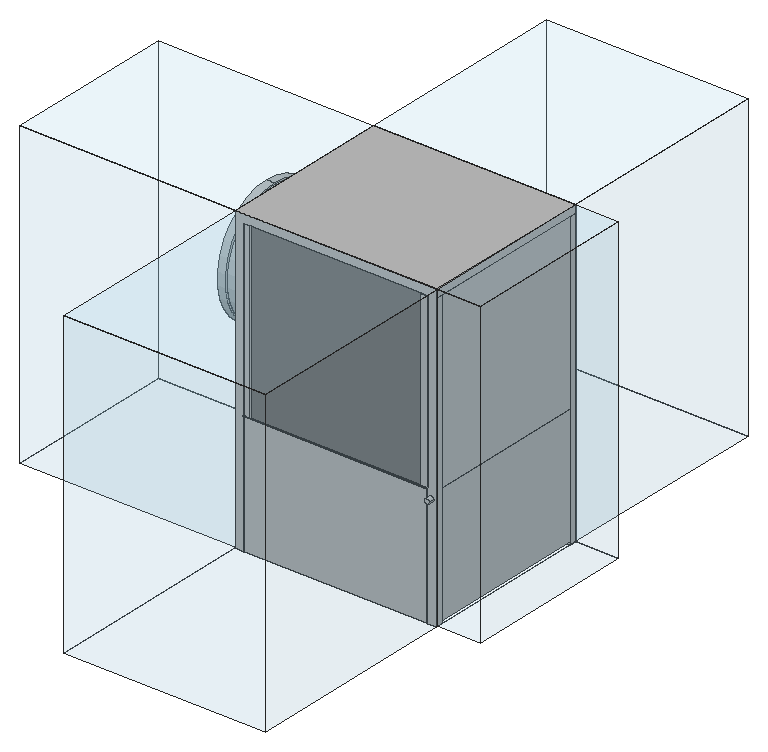
Revit family "VIESSMANN - Energycal AWH Pro AT 40-65", category Wyposażenie mechaniczne, Revit 2017
Family settings
  Wymiar okrągłego złącza = Użyj średnicy
  Typ części = Normalny
  Numer OmniClass = 23.75.10.21.11
  Tytuł OmniClass = Air-Source Heat Pumps
  Oparty na płaszczyźnie roboczej = Nie
  Zawsze pionowo = Tak
  Tnij formami wycięć po wczytaniu = Nie
  Współdzielony = Nie
  Punkt obliczania pomieszczeń = Nie
Parameters (values of type "Wielkość jednostki - 40")
  Średnica2 = 2"  # constant formula
  Średnica1 = 1 1/2"  # constant formula
  Zasilanie opcjonalne (V/ph/Hz) = "230/1~/50+5%"
  Zasilanie elektryczne (V/ph/Hz) = "400/N3~/50+5%"
  Wysokość = 2390 mm  # constant formula
  Współczynnik efektywności [COP] (A7W45) = 3.4
  Viessmann Kolor 2 = Viessmann Kolor 3
  Viessmann Kolor 1 = Viessmann Kolor 2
  Typ wymiennika po stronie grzewczej = "Płytowy"
  Szerokość = 1408 mm  # constant formula
  Strefa serwisowa - wyrzut górny [instance] = not([Strefa serwisowa - wyrzut boczny])  # no
  Strefa serwisowa - wyrzut boczny [instance] = yes
  Współczynnik mocy = 1
  URL = "https://www.viessmann-projektant.pl/baza-urzadzen/pompy-ciepla-powietrzewoda-agregaty-wl-50-kw/energycal"
  Typ wentylatora = "Osiowy"
  Typ sprężarki = "Reciprocating"  # constant formula
  Typ [instance] = AW PRO AT_wyrzut boczny : AW PRO AT wyrzut boczny
  Strefa serwisowa [instance] = yes
  Stopień wydajności = "2%"  # constant formula
  Spadek ciśnienia wody (A7W45) = 19.0 kPa
  SCOP = 2.84
  Prąd nominalny wentylatora = 3.9 A
  Prąd nominalny silnika pompy obiegowej = 2.37 A
  Przepływ powietrza = 21000.0 m³/h
  Producent = "Viessmann Sp. z o.o"  # constant formula
  Połączenia hydrauliczne = 1 1/2"  # constant formula
  Poziom mocy akustycznej dB(A) = 87 mm
  Poziom mocy akustycznej - wersja super cicha SLN dB(A) = 83 mm
  Poziom mocy akustycznej - wersja cicha LN dB(A) = 85 mm
  Poziom ciśnienia akustycznego dB(A) = 55 mm
  Poziom ciśnienia akustycznego - wersja super cicha SLN dB(A) = 50 mm
  Poziom ciśnienia akustycznego - wersja cicha LN dB(A) = 53 mm
  Pobór mocy elektrycznej (A7W45) = 10.8 kW
  Opis = "Energycal AWH Pro AT to typoszereg wysokotemperaturowych pomp ciepła z czynnikiem chłodniczym R134a lub R513A osiągających na zasilaniu temperatury wody do 80°C."  # constant formula
  Obciążenie pozorne = Maksymalna moc pobierania / Współczynnik mocy  # 20500 VA
  Nominalna moc pompy = 1.1 kW
  Nominalna moc grzewcza (A7W45) = 36.5 kW
  Natężenie przepływu wody (A7W45) l/h = 6268
  Natężenie przepływu wody (A7W45) = [Natężenie przepływu wody (A7W45) l/h] / 3600 * 1.0 L/s  # 1.74111 L/s
  Napięcie zasilania = 400 V  # constant formula
  Model = "Powietrzna pompa ciepła Energycal AWH PRO AT / Air-water heat pump Energycal AWH PRO AT "  # constant formula
  Moc nominalna wentylatora = 1.6 kW
  Moc nominalna silnika pompy obiegowej = 1.1 kW
  Maksymalny prąd rozruchowy = 136.4 A
  Maksymalny pobór prądu = 49.4 A
  Maksymalna moc pobierania = 20.5 kW
  Liczba wentylatorów = 1
  Liczba biegunów = 3  # constant formula
  Klasa energetyczna = "A+"
  Ilość/Obiegi chłodnicze sprężarki (nr/nr) = "1/1"  # constant formula
  Głębokość = 1208 mm  # constant formula
  Efektywność sezonowa ηs = "110.8"
  Częstotliwość = 50 Hz  # constant formula
  Ciśnienie podnoszenia pompy (A7W45) = 185.0 kPa
  Całkowite napełnienie olejem = 4.50 kg
  Całkowite napełnienie czynnikiem chłodniczym = 18.00 kg
  Bufor przód [instance] = if(and(Strefa serwisowa, [Strefa serwisowa - wyrzut boczny]), 1500 mm, 300 mm)  # 1500 mm
  Autor = "www.archispace.pl"
Types (5, lengths in mm): name | Zasilanie opcjonalne (V/ph/Hz) | Zasilanie elektryczne (V/ph/Hz) | Współczynnik efektywności [COP] (A7W45) | Typ | Spadek ciśnienia wody (A7W45) | SCOP | Prąd nominalny silnika pompy obiegowej | Przepływ powietrza | Poziom mocy akustycznej dB(A) | Poziom mocy akustycznej - wersja super cicha SLN dB(A) | Poziom mocy akustycznej - wersja cicha LN dB(A) | Poziom ciśnienia akustycznego dB(A) | Poziom ciśnienia akustycznego - wersja super cicha SLN dB(A) | Poziom ciśnienia akustycznego - wersja cicha LN dB(A) | Pobór mocy elektrycznej (A7W45) | Obciążenie pozorne | Nominalna moc grzewcza (A7W45) | Natężenie przepływu wody (A7W45) l/h | Natężenie przepływu wody (A7W45) | Moc nominalna wentylatora | Moc nominalna silnika pompy obiegowej | Maksymalny prąd rozruchowy | Maksymalny pobór prądu | Maksymalna moc pobierania | Efektywność sezonowa ηs | Ciśnienie podnoszenia pompy (A7W45) | Całkowite napełnienie olejem | Całkowite napełnienie czynnikiem chłodniczym
  (no name) | "230/1~/50+5%" | "400/N3~/50+5%" | 3.4 | AW PRO AT_wyrzut boczny : AW PRO AT wyrzut boczny | 19.0 kPa | 2.84 | 2.37 A | 21000.0 m³/h | 87 | 83 | 85 | 55 | 50 | 53 | 10.8 kW | 20500 VA | 36.5 kW | 6268 | 1.74111 L/s | 1.6 kW | 1.1 kW | 136.4 A | 49.4 A | 20.5 kW | "110.8" | 185.0 kPa | 4.50 kg | 18.00 kg
  Wielkość jednostki - 40 | "230/1~/50+5%" | "400/N3~/50+5%" | 3.4 | AW PRO AT_wyrzut boczny : AW PRO AT wyrzut boczny | 19.0 kPa | 2.84 | 2.37 A | 21000.0 m³/h | 87 | 83 | 85 | 55 | 50 | 53 | 10.8 kW | 20500 VA | 36.5 kW | 6268 | 1.74111 L/s | 1.6 kW | 1.1 kW | 136.4 A | 49.4 A | 20.5 kW | "110.8" | 185.0 kPa | 4.50 kg | 18.00 kg
  Wielkość jednostki - 45 | "230/1~/50" | "400/3~/50" | 3.35 | AW PRO AT : AW PRO AT | 21.0 kPa | 2.83 | 2.7 A | 21000.0 m³/h | 87 | 83 | 85 | 55 | 51 | 53 | 12.6 kW | 23800 VA | 42.1 kW | 7222 | 2.00611 L/s | 1.7 kW | 1.4 kW | 151 A | 41.1 A | 23.8 kW | "110.3" | 165.0 kPa | 4.50 kg | 18.00 kg
  Wielkość jednostki - 55 | "230/1~/50+5%" | "400/3N~/50+5%" | 3.4 | AW PRO AT : AW PRO AT | 26.0 kPa | 2.84 | 2.37 A | 20100.0 m³/h | 88 | 84 | 86 | 56 | 52 | 54 | 16 kW | 29600 VA | 54.3 kW | 9313 | 2.58694 L/s | 1.6 kW | 1.1 kW | 173.4 A | 64.4 A | 29.6 kW | "110.5" | 115.0 kPa | 4.80 kg | 25.00 kg
  Wielkość jednostki - 65 | "230/1~/50" | "400/3~/50" | 3.41 | AW PRO AT_wyrzut boczny : AW PRO AT wyrzut boczny | 27.0 kPa | 2.95 | 2.7 A | 20100.0 m³/h | 89 | 85 | 87 | 57 | 83 | 55 | 18.5 kW | 63200 VA | 63.2 kW | 10832 | 3.00889 L/s | 1.7 kW | 1.4 kW | 170 A | 18.5 A | 63.2 kW | "114.8" | 153.0 kPa | 4.80 kg | 29.00 kg
Reference planes
  plane 1 "Środek (Przód/Tył)": y = -10
  plane 2: z = 0
  plane 3 "Środek (Lewa/Prawa)": x = 0
  plane 4: x = -711.16
  plane 5: x = 696.84
  plane 6: x = -2211.16
  plane 7: x = 996.84
  plane 8: y = 1458
  plane 9: y = -2750
  plane 10: y = -42
  plane 11: y = -1250
Forms (mm)
  Extrusion 1, solid, not visible
    sketch origin (0, -10, 0) x (1, 0, 0) y (0, 0, 1)
      loop
        circle (-19.081, 681.464) r 40
      loop
        circle (-22.076, 552.701) r 40
    from 1200 to 1240
  Extrusion 2, solid, material "Viessmann Strefy Serwisowe", visible <- "Strefa serwisowa"
    sketch origin (0, 0, 0) x (1, 0, 0) y (0, 1, 0)
      loop
        line (-2211.16, -42) -> (-2211.16, -1250) -> (-711.16, -1250) -> (-711.16, -42) -> (-2211.16, -42)
      loop
        line (696.84, -42) -> (696.84, -1250) -> (996.84, -1250) -> (996.84, -42) -> (696.84, -42)
    from 0 to 2108
  Extrusion 3, solid, material "Viessmann Strefy Serwisowe", visible <- "Strefa serwisowa"
    sketch origin (0, 0, 0) x (1, 0, 0) y (0, 1, 0)
      loop
        line (-711.16, 1458) -> (-711.16, -42) -> (696.84, -42) -> (696.84, 1458) -> (-711.16, 1458)
      loop
        line (-708.66, -1250) -> (-708.66, -2750) -> (696.84, -2750) -> (696.84, -1250) -> (-708.66, -1250)
    from 0 to 2108
Dimensions and locks
  "Szerokość": plane 4 to plane 5
  locked: plane 5 to plane 7 at 300
  "Bufor przód": plane 6 to plane 4
  locked: plane 10 to plane 11 at 1208
  locked: plane 8 to plane 10 at 1500
  locked: plane 9 to plane 11 at 1500
  aligned and locked: level to plane 2
  aligned and locked: nested 1 to plane 1 "Środek (Przód/Tył)"
  aligned and locked: plane 1 "Środek (Przód/Tył)" to nested 1
  aligned and locked: plane 4 to Extrusion 2
  aligned and locked: Extrusion 2 to plane 6  (x2)
  aligned and locked: Extrusion 2 to plane 5
  aligned and locked: plane 7 to Extrusion 2
  aligned and locked: Extrusion 3 to plane 9
  aligned and locked: plane 8 to Extrusion 3
  aligned and locked: Extrusion 3 to plane 10
Automatic sketch dimensions
  Extrusion 1 sketch curve to plane 3 "Środek (Lewa/Prawa)" = 22.076 mm
  Extrusion 1 sketch curve to plane 3 "Środek (Lewa/Prawa)" = 19.081 mm
  level to Extrusion 1 sketch curve = 552.701 mm
  Extrusion 1 sketch curve to Extrusion 1 sketch curve = 128.762 mm
  plane 1 "Środek (Przód/Tył)" to Extrusion 2 sketch curve = 32 mm  (x2)
  plane 6 to Extrusion 2 sketch curve = 0 mm
  plane 4 to Extrusion 2 sketch curve = 0 mm
  Extrusion 2 sketch curve to plane 5 = 0 mm
  Extrusion 2 sketch curve to plane 7 = 0 mm
  plane 1 "Środek (Przód/Tył)" to Extrusion 2 sketch curve = 1240 mm  (x2)
  plane 1 "Środek (Przód/Tył)" to Extrusion 3 sketch curve = 32 mm
  Extrusion 3 sketch curve to plane 4 = 0 mm
  Extrusion 3 sketch curve to plane 5 = 0 mm  (x2)
  plane 4 to Extrusion 3 sketch curve = 2.5 mm
  plane 1 "Środek (Przód/Tył)" to Extrusion 3 sketch curve = 1240 mm
  Extrusion 3 sketch curve to Extrusion 3 sketch curve = 1500 mm
  Extrusion 3 sketch curve to plane 1 "Środek (Przód/Tył)" = 1468 mm
  radius of Extrusion 1 sketch curve = 40 mm  (x2)
Nested families
  nested 1: "AW PRO AT_wyrzut boczny" at (-741.16, -646, 0) x (0, 1, 0) z (0, 0, 1), type <- "Typ", type "AW PRO AT wyrzut boczny"
Connectors
  piping at (-459.16, -32, 728), diameter 38.1, driven by "Średnica1", driven by "Natężenie przepływu wody (A7W45)"
    settings: on nested 1, index 1, connector inside diameter 24", connector length 0 mm, flow factor 0, pipe flow 1.74111 L/s, pressure drop 0.0 kPa, fitting loss kfactor 0, connector angle 0.00°, fixture units 0, engagement length 0 mm, angle of deflection 0.00°, flow configuration 1, flow direction 1, fitting loss method 0, system type 8, joint type 0, gender type 0, connector reference index -1, connector utility 0, adjustable connector no, is connector primary yes, connector description ""
  piping at (-349.16, -32, 179), diameter 50.8, driven by "Średnica2"
    settings: on nested 1, index 2, connector inside diameter 24", connector length 0 mm, flow factor 0, pipe flow 0.0 L/s, pressure drop 0.0 kPa, fitting loss kfactor 0, connector angle 0.00°, fixture units 0, engagement length 0 mm, angle of deflection 0.00°, flow configuration 0, flow direction 0, fitting loss method 0, system type 7, joint type 0, gender type 0, connector reference index -1, connector utility 0, adjustable connector no, is connector primary no, connector description ""
  piping at (-459.16, -32, 258), diameter 38.1, driven by "Średnica1", driven by "Natężenie przepływu wody (A7W45)"
    settings: on nested 1, index 3, connector inside diameter 24", connector length 0 mm, flow factor 0, pipe flow 1.74111 L/s, pressure drop 0.0 kPa, fitting loss kfactor 0, connector angle 0.00°, fixture units 0, engagement length 0 mm, angle of deflection 0.00°, flow configuration 1, flow direction 2, fitting loss method 0, system type 7, joint type 0, gender type 0, connector reference index -1, connector utility 0, adjustable connector no, is connector primary no, connector description ""
  electrical at (-19.081, -1250, 681.464)
    settings: on Extrusion 1, index 4, voltage 0 V, apparent load 0 VA, apparent load phase1 0 VA, apparent load phase2 0 VA, apparent load phase3 0 VA, power factor 1, load classification "Inne", number of poles 1, system type 13, power factor state 1, is connector primary yes, connector utility no, sub classification motor no, connector description ""
  electrical at (-22.076, -1250, 552.701), driven by "Napięcie zasilania", driven by "Współczynnik mocy", driven by "Obciążenie pozorne", driven by "Obciążenie pozorne", driven by "Liczba biegunów"
    settings: on Extrusion 1, index 5, voltage 400 V, apparent load 20500 VA, apparent load phase1 20500 VA, apparent load phase2 0 VA, apparent load phase3 0 VA, power factor 1, load classification "Moc", number of poles 3, system type 30, power factor state 1, is connector primary no, connector utility no, sub classification motor no, connector description ""
Definition of nested family "AW PRO AT_wyrzut boczny"
  Parameters (values of type "AW PRO AT wyrzut boczny")
    Wysokość = 2108 mm
    URL = ""
    Szerokość = 1688 mm
    Spust kondensatu (średnica) = 17.5 mm
    Manufacturer = ""
    Podłączenie C Rin wysokość = 179 mm
    Podłączenie C Rin odsunięcie = 695 mm
    Podłączenie B Uin wysokość = 179 mm
    Podłączenie A,C Rout wysokość = 728 mm
    Podłączenie A,C Rout odsunięcie = 585 mm
    Podłączenie A,B Uout wysokość = 728 mm
    Podłączenie A,B Uout odsunięcie = 252 mm
    Podłączenie A Uin wysokość = 258 mm
    Podłączenie A Uin odsunięcie = 252 mm
    Podłączenie A Rin wysokość = 258 mm
    Podłączenie A Rin odsunięcie = 585 mm
    Description = ""
    Podłączenie B Uin odsunięcie = 362 mm
    Model = ""
    Materiał2 = none
    Materiał = none
    Długość = 1203 mm
    DWS = no
  Reference planes
    plane 1 "Środek (Przód/Tył)": y = -30
    plane 2: z = 0
    plane 3 "Środek (Lewa/Prawa)": x = 0
    plane 4: y = -1433
    plane 5: y = -1433
    plane 6: z = 2108
    plane 7: x = 604
    plane 8: x = -604
    plane 9: x = -564
    plane 10: x = 564
    plane 11: x = 614
    plane 12: y = 255
  Forms (mm)
    Extrusion 1, solid, material <- "Materiał", detail levels fine
      sketch origin (0, -734, 0) x (1, 0, 0) y (0, 1, 0)
        loop
          line (-604, 704) -> (-604, -699) -> (604, -699) -> (604, 704) -> (-604, 704)
      from 0 to 2108
    Extrusion 2, void
      sketch origin (0, -734, 0) x (1, 0, 0) y (0, 1, 0)
        loop
          line (-564, 704) -> (-564, -699) -> (564, -699) -> (564, 704) -> (-564, 704)
      from 0 to 20
    Extrusion 3, void
      sketch origin (0, 0, 0) x (0, 1, 0) y (0, 0, 1)
        loop
          line (-90, 2048) -> (-1373, 2048) -> (-1373, 850) -> (-90, 850) -> (-90, 2048)
      from -604 to -564
    Extrusion 4, void
      sketch origin (0, 0, 0) x (0, 1, 0) y (0, 0, -1)
        loop
          line (-90, -2011.294) -> (-90, -850) -> (-1373, -850) -> (-1373, -2011.294) -> (-90, -2011.294)
      from -604 to -564
    Extrusion 5, solid, material <- "Materiał2", detail levels fine
      sketch origin (-260, 0, 0) x (0, 1, 0) y (0, 0, 1)
        loop
          line (-135, 2048) -> (-1328, 2048) -> (-1328, 850) -> (-135, 850) -> (-135, 2048)
      from -344 to -304
    Extrusion 6, solid, material <- "Materiał2", detail levels fine
      sketch origin (300, 0, 0) x (0, 1, 0) y (0, 0, -1)
        loop
          line (-90, -2011.294) -> (-90, -850) -> (-1373, -850) -> (-1373, -2011.294) -> (-90, -2011.294)
      from -304 to -264
    Revolve 7, solid, material <- "Materiał", detail levels fine
      sketch origin (0, 602.897, -243.586) x (0, 1, 0) y (0, 0, 1)
        loop
          line (-632.897, 1755.586) -> (-632.897, 1276.06)
          arc (-632.897, 1276.06) -> (-611.63, 1317.799) -> (-567.897, 1334.586) r 65.358
          line (-567.897, 1334.586) -> (-422.897, 1334.586) -> (-422.897, 1324.586) -> (-368.945, 1324.586)
          arc (-368.945, 1324.586) -> (-354.039, 1539.84) -> (-350.897, 1755.586) r 3954.249
          line (-350.897, 1755.586) -> (-632.897, 1755.586)
        axis (-350.897, 1755.586) -> (-632.897, 1755.586)
      angle from 0 to 360
    Extrusion 8, solid, material <- "Materiał"
      sketch origin (0, 0, 0) x (0, 1, 0) y (0, 0, 1)
        loop
          circle (-392, 179) r 50
      from 604 to 614
    Extrusion 9, solid, material <- "Materiał"
      sketch origin (0, 0, 0) x (0, 1, 0) y (0, 0, 1)
        loop
          circle (-282, 258) r 40
      from 604 to 614
    Extrusion 10, solid, material <- "Materiał"
      sketch origin (0, 0, 380) x (0, 1, 0) y (0, 0, 1)
        loop
          circle (-282, 348) r 40
      from 604 to 614
    Extrusion 11, solid, material <- "Materiał", detail levels fine
      sketch origin (0, 0, 0) x (0, 1, 0) y (0, 0, 1)
        loop
          circle (-69.847, 784.39) r 17.5
      from 604 to 636
    Extrusion 12, solid, material <- "Materiał", detail levels fine
      sketch origin (0, -1463, 0) x (0, -1, 0) y (0, 0, -1)
        loop
          circle (-69.847, -784.39) r 17.5
      from -635.999 to -604
    Extrusion 13, solid, material <- "Materiał", detail levels coarse
      sketch origin (0, 0, 0) x (1, 0, 0) y (0, 1, 0)
        loop
          line (-604, -30) -> (-604, -1433) -> (604, -1433) -> (604, -30) -> (-604, -30)
      from 0 to 2108
    Extrusion 14, solid, material <- "Materiał", detail levels fine
      sketch origin (0, 0, 0) x (1, 0, 0) y (0, 1, 0)
        loop
          line (604, -1328) -> (604, -1373) -> (609, -1373) -> (609, -1328) -> (604, -1328)
        loop
          line (604, -135) -> (609, -135) -> (609, -90) -> (604, -90) -> (604, -135)
      from 850 to 2011.294
    Extrusion 15, solid, material <- "Materiał", detail levels fine
      sketch origin (0, -30, 0) x (1, 0, 0) y (0, 0, 1)
        loop
          line (604, 850) -> (604, 847.008) -> (612, 847.008) -> (612, 850) -> (604, 850)
      from 60 to 1343
    Extrusion 16, solid, material <- "Materiał", detail levels fine
      sketch origin (0, 0, 0) x (-1, 0, 0) y (0, -1, 0)
        loop
          line (604, 135) -> (604, 90) -> (609, 90) -> (609, 135) -> (604, 135)
        loop
          line (604, 1328) -> (609, 1328) -> (609, 1373) -> (604, 1373) -> (604, 1328)
      from 850 to 2048
    Extrusion 17, solid, material <- "Materiał", detail levels fine
      sketch origin (0, -30, 0) x (-1, 0, 0) y (0, 0, -1)
        loop
          line (604, -850) -> (611.979, -850) -> (611.979, -847.008) -> (604, -847.008) -> (604, -850)
      from 60 to 1343
    Extrusion 18, void
      sketch origin (0, 0, 0) x (1, 0, 0) y (0, 1, 0)
        loop
          line (-604, -89.997) -> (-604, -96.997) -> (-601.528, -96.997) -> (-601.528, -89.997) -> (-604, -89.997)
        loop
          line (-604, -1373) -> (-601.528, -1373) -> (-601.528, -1366) -> (-604, -1366) -> (-604, -1373)
      from 0 to 850
    Extrusion 19, void
      sketch origin (0, 0, 0) x (-1, 0, 0) y (0, -1, 0)
        loop
          line (-604, 90) -> (-601.528, 90) -> (-601.528, 97.17) -> (-604, 97.17) -> (-604, 90)
        loop
          line (-604, 1373) -> (-604, 1365.83) -> (-601.528, 1365.83) -> (-601.528, 1373) -> (-604, 1373)
      from 40 to 850
    Extrusion 20, solid, material <- "Materiał", detail levels medium
      sketch origin (0, -30, 0) x (1, 0, 0) y (0, 0, 1)
        loop
          line (-604, 2108) -> (-604, 0) -> (604, 0) -> (604, 2108) -> (-604, 2108)
      from 0 to 1403
    Revolve 21, solid, material <- "Materiał", detail levels medium
      sketch origin (0, 0, 0) x (0, 1, 0) y (0, 0, 1)
        loop
          line (-30, 1512) -> (252, 1512) -> (252, 1943) -> (23.894, 1943) -> (-30, 1991.526) -> (-30, 1512)
        axis (252, 1512) -> (-30, 1512)
      angle from 0 to 360
    Extrusion 22, solid, material <- "Materiał", visible <- "DWS"
      sketch origin (0, -380, 0) x (0, 1, 0) y (0, 0, 1)
        loop
          circle (-345, 179) r 50
      from 604 to 614
    Extrusion 23, solid, material <- "Materiał", visible <- "DWS"
      sketch origin (0, -380, 0) x (0, 1, 0) y (0, 0, 1)
        loop
          circle (-235, 258) r 40
      from 604 to 614
    Extrusion 24, solid, material <- "Materiał", visible <- "DWS"
      sketch origin (0, -380, 380) x (0, 1, 0) y (0, 0, 1)
        loop
          circle (-235, 348) r 40
      from 604 to 614
    Extrusion 25, void
      sketch origin (0, -30, 0) x (1, 0, 0) y (0, 0, 1)
        loop
          line (-564, 0) -> (-557, 0) -> (-557, 843) -> (557, 843) -> (557, 0) -> (564, 0) -> (564, 2047.991) -> (604, 2047.991) -> (604, 2054.991) -> (-604, 2054.991) -> (-604, 2047.991) -> (-564, 2047.991) -> (-564, 0)
        loop
          line (557, 2047.991) -> (-557, 2047.991) -> (-557, 850) -> (557, 850) -> (557, 2047.991)
      from 0 to 2.5
    Extrusion 26, void
      sketch origin (0, -1433, 0) x (1, 0, 0) y (0, 0, -1)
        loop
          line (-564, 0) -> (-564, -2047.991) -> (-604, -2047.991) -> (-604, -2054.991) -> (604, -2054.991) -> (604, -2047.991) -> (564, -2047.991) -> (564, 0) -> (557, 0) -> (557, -843) -> (-557, -843) -> (-557, 0) -> (-564, 0)
        loop
          line (557, -2047.991) -> (557, -850) -> (-557, -850) -> (-557, -2047.991) -> (557, -2047.991)
      from 0 to 2.5
    Extrusion 27, solid, material <- "Materiał", detail levels coarse
      sketch origin (0, -30, 0) x (1, 0, 0) y (0, 0, 1)
        loop
          circle (0, 1512) r 479.526
      from -282 to 0
  Cuts and joins
    Extrusion 2, Extrusion 3, Extrusion 4, Extrusion 18, Extrusion 19, Extrusion 25, Extrusion 26 cuts Extrusion 1
    Extrusion 19, Extrusion 26 cuts Revolve 7
    Extrusion 19, Extrusion 26 cuts Extrusion 14
    Extrusion 19, Extrusion 26 cuts Extrusion 15
    Extrusion 19, Extrusion 26 cuts Extrusion 16
    Extrusion 19, Extrusion 26 cuts Extrusion 17
    joined: Extrusion 1, Revolve 7, Extrusion 14, Extrusion 15, Extrusion 16, Extrusion 17
    Extrusion 26 cuts Revolve 21
    joined: Extrusion 20, Revolve 21
    joined: Extrusion 13, Extrusion 27
  Dimensions and locks
    equal spacing: plane 8, plane 3 "Środek (Lewa/Prawa)", plane 7
    plane 8 to plane 7 = 1208 mm
    Extrusion 3 sketch curve to level = 850 mm
    locked: plane 1 "Środek (Przód/Tył)" to Extrusion 3 sketch curve at 60
    locked: plane 6 to Extrusion 3 sketch curve at 60
    Extrusion 3 sketch curve to plane 5 = 60 mm
    locked: plane 8 to plane 9 at 40
    locked: plane 10 to plane 7 at 40
    "Podłączenie B Uin wysokość": Extrusion 8 sketch curve to level
    "Podłączenie A Uin odsunięcie": Extrusion 9 sketch curve to plane 1 "Środek (Przód/Tył)"
    "Podłączenie A Uin wysokość": Extrusion 9 sketch curve to level
    "Podłączenie B Uin odsunięcie": Extrusion 8 sketch curve to plane 1 "Środek (Przód/Tył)"
    "Podłączenie A,B Uout odsunięcie": Extrusion 10 sketch curve to plane 1 "Środek (Przód/Tył)"
    "Podłączenie A,B Uout wysokość": Extrusion 10 sketch curve to level
    locked: plane 7 to plane 11 at 10
    "Podłączenie A Rin wysokość": Extrusion 23 sketch curve to level
    "Podłączenie A Rin odsunięcie": Extrusion 23 sketch curve to plane 1 "Środek (Przód/Tył)"
    "Podłączenie C Rin wysokość": Extrusion 22 sketch curve to level
    "Podłączenie C Rin odsunięcie": Extrusion 22 sketch curve to plane 1 "Środek (Przód/Tył)"
    "Podłączenie A,C Rout odsunięcie": Extrusion 24 sketch curve to plane 1 "Środek (Przód/Tył)"
    "Podłączenie A,C Rout wysokość": Extrusion 24 sketch curve to level
    plane 6 to Revolve 7 sketch curve = 596 mm
    "Wysokość": plane 6 to level
    "Szerokość": plane 12 to plane 5
    locked: plane 1 "Środek (Przód/Tył)" to plane 5 at 1403
    "Spust kondensatu (średnica)": radius of Extrusion 11 sketch curve
    "Spust kondensatu (średnica)": radius of Extrusion 12 sketch curve
    aligned and locked: level to plane 2
    aligned and locked: cut or joined group 1 (Extrusion 1, Extrusion 2, Extrusion 3, Extrusion 4, Revolve 7, Extrusion 14, Extrusion 15, Extrusion 16, Extrusion 17, Extrusion 18, Extrusion 19, Extrusion 25, Extrusion 26) to plane 1 "Środek (Przód/Tył)"  (x3)
    aligned and locked: Extrusion 1 to plane 1 "Środek (Przód/Tył)"
    aligned and locked: plane 5 to cut or joined group 1
    aligned and locked: plane 6 to cut or joined group 1
    aligned and locked: cut or joined group 1 to plane 8
    aligned and locked: plane 7 to cut or joined group 1
    aligned and locked: plane 9 to Extrusion 3
    aligned and locked: plane 10 to Extrusion 4
    aligned and locked: plane 8 to Extrusion 5
    aligned and locked: Extrusion 6 to plane 7
    aligned and locked: plane 7 to Extrusion 9
    aligned and locked: Extrusion 8 to Extrusion 9
    aligned and locked: Extrusion 8 to Extrusion 10
    aligned and locked: Extrusion 10 to plane 7
    aligned and locked: plane 7 to Extrusion 11
    aligned and locked: Extrusion 12 to cut or joined group 1
    aligned and locked: Extrusion 13 sketch curve to cut or joined group 1  (x4)
    aligned and locked: plane 6 to Extrusion 13
    aligned and locked: Extrusion 13 to level
    aligned and locked: cut or joined group 1 to Extrusion 15
    aligned and locked: Extrusion 15 to cut or joined group 1
    aligned and locked: Extrusion 18 to cut or joined group 1
    aligned and locked: Extrusion 5 to cut or joined group 1  (x2)
    aligned and locked: Extrusion 20 to plane 1 "Środek (Przód/Tył)"
    aligned and locked: Extrusion 20 to plane 4
    aligned and locked: Extrusion 22 to Extrusion 23
    aligned and locked: Extrusion 14 to Extrusion 4
    aligned and locked: Extrusion 6 to cut or joined group 1
    aligned and locked: Extrusion 27 to cut or joined group of Extrusion 20, Revolve 21, Extrusion 26
    aligned and locked: Extrusion 27 to cut or joined group 1
  Automatic sketch dimensions
    Extrusion 1 sketch curve to plane 4 = 0 mm
    Extrusion 1 sketch curve to plane 8 = 0 mm
    plane 1 "Środek (Przód/Tył)" to Extrusion 1 sketch curve = 0 mm
    Extrusion 1 sketch curve to plane 7 = 0 mm
    Extrusion 2 sketch curve to plane 4 = 0 mm
    Extrusion 2 sketch curve to plane 9 = 0 mm
    Extrusion 2 sketch curve to plane 10 = 0 mm
    plane 1 "Środek (Przód/Tył)" to Extrusion 2 sketch curve = 0 mm
    plane 4 to Extrusion 4 sketch curve = 60 mm
    plane 1 "Środek (Przód/Tył)" to Extrusion 4 sketch curve = 60 mm
    Extrusion 4 sketch curve to plane 6 = 96.706 mm
    level to Extrusion 4 sketch curve = 850 mm
    plane 4 to Extrusion 5 sketch curve = 105 mm
    plane 1 "Środek (Przód/Tył)" to Extrusion 5 sketch curve = 105 mm
    level to Extrusion 5 sketch curve = 850 mm
    Extrusion 5 sketch curve to plane 6 = 60 mm
    plane 4 to Extrusion 6 sketch curve = 60 mm
    plane 1 "Środek (Przód/Tył)" to Extrusion 6 sketch curve = 60 mm
    Extrusion 6 sketch curve to plane 6 = 96.706 mm
    level to Extrusion 6 sketch curve = 850 mm
    Extrusion 14 sketch curve to plane 7 = 0 mm  (x2)
    Extrusion 14 sketch curve to plane 7 = 5 mm  (x2)
    plane 4 to Extrusion 14 sketch curve = 60 mm
    Extrusion 14 sketch curve to Extrusion 14 sketch curve = 45 mm  (x2)
    plane 1 "Środek (Przód/Tył)" to Extrusion 14 sketch curve = 105 mm
    Extrusion 15 sketch curve to plane 7 = 0 mm
    Extrusion 15 sketch curve to plane 11 = 2 mm
    level to Extrusion 15 sketch curve = 847.008 mm
    Extrusion 15 sketch curve to Extrusion 15 sketch curve = 2.992 mm
    Extrusion 16 sketch curve to plane 8 = 0 mm  (x2)
    Extrusion 16 sketch curve to plane 8 = 5 mm  (x2)
    Extrusion 16 sketch curve to plane 4 = 60 mm
    Extrusion 16 sketch curve to Extrusion 16 sketch curve = 45 mm  (x2)
    Extrusion 16 sketch curve to plane 1 "Środek (Przód/Tył)" = 105 mm
    Extrusion 17 sketch curve to plane 8 = 0 mm
    Extrusion 17 sketch curve to plane 8 = 7.979 mm
    Extrusion 17 sketch curve to level = 847.008 mm
    Extrusion 17 sketch curve to Extrusion 17 sketch curve = 2.992 mm
    Extrusion 18 sketch curve to plane 8 = 0 mm  (x2)
    Extrusion 18 sketch curve to plane 8 = 2.472 mm  (x2)
    plane 4 to Extrusion 18 sketch curve = 60 mm
    Extrusion 18 sketch curve to Extrusion 18 sketch curve = 7 mm  (x2)
    plane 1 "Środek (Przód/Tył)" to Extrusion 18 sketch curve = 66.997 mm
    Extrusion 19 sketch curve to plane 7 = 0 mm  (x2)
    Extrusion 19 sketch curve to plane 7 = 2.472 mm  (x2)
    Extrusion 19 sketch curve to plane 4 = 60 mm
    Extrusion 19 sketch curve to Extrusion 19 sketch curve = 7.17 mm  (x2)
    Extrusion 19 sketch curve to plane 1 "Środek (Przód/Tył)" = 67.17 mm
    plane 8 to Extrusion 20 sketch curve = 0 mm
    plane 7 to Extrusion 20 sketch curve = 0 mm
    Extrusion 20 sketch curve to plane 6 = 0 mm
    Extrusion 25 sketch curve to plane 8 = 0 mm
    Extrusion 25 sketch curve to plane 9 = 0 mm
    Extrusion 25 sketch curve to level = 0 mm  (x2)
    Extrusion 25 sketch curve to plane 10 = 0 mm
    Extrusion 25 sketch curve to plane 7 = 0 mm
    Extrusion 25 sketch curve to Extrusion 25 sketch curve = 7 mm  (x4)
    Extrusion 25 sketch curve to plane 10 = 7 mm  (x2)
    level to Extrusion 25 sketch curve = 843 mm
    Extrusion 25 sketch curve to plane 6 = 60.009 mm
    Extrusion 25 sketch curve to Extrusion 25 sketch curve = 0 mm  (x2)
    plane 8 to Extrusion 26 sketch curve = 0 mm
    Extrusion 26 sketch curve to plane 9 = 0 mm
    Extrusion 26 sketch curve to level = 0 mm  (x2)
    Extrusion 26 sketch curve to plane 10 = 0 mm
    plane 7 to Extrusion 26 sketch curve = 0 mm
    plane 9 to Extrusion 26 sketch curve = 7 mm  (x2)
    Extrusion 26 sketch curve to plane 10 = 7 mm
    Extrusion 26 sketch curve to Extrusion 26 sketch curve = 0 mm  (x3)
    level to Extrusion 26 sketch curve = 843 mm
    Extrusion 26 sketch curve to Extrusion 26 sketch curve = 7 mm  (x2)
    Extrusion 26 sketch curve to plane 6 = 60.009 mm
    Revolve 21 sketch curve to plane 6 = 596 mm
    plane 4 to Revolve 21 sketch curve = 1403 mm
    Revolve 21 sketch curve to Revolve 21 sketch curve = 282 mm
    Revolve 21 sketch curve to Revolve 21 sketch curve = 0 mm  (x3)
    Extrusion 27 sketch curve to Extrusion 27 sketch curve = 0 mm  (x2)
    Extrusion 27 sketch curve to plane 3 "Środek (Lewa/Prawa)" = 0 mm
    Extrusion 27 sketch curve to plane 6 = 596 mm
    Extrusion 27 sketch curve to Extrusion 27 sketch curve = 479.526 mm
    Revolve 21 sketch curve to plane 1 "Środek (Przód/Tył)" = 53.894 mm
    Revolve 21 sketch curve to Revolve 21 sketch curve = 48.526 mm
    Revolve 21 sketch curve to plane 6 = 165 mm
    Revolve 7 sketch curve to plane 1 "Środek (Przód/Tył)" = 0 mm  (x2)
    Revolve 7 sketch curve to plane 6 = 646.304 mm
    Revolve 7 sketch curve to plane 4 = 2268.929 mm
    Revolve 7 sketch curve to plane 1 "Środek (Przód/Tył)" = 65 mm
    plane 12 to Revolve 7 sketch curve = 75 mm
    plane 12 to Revolve 7 sketch curve = 21.048 mm
    plane 12 to Revolve 7 sketch curve = 3 mm
    Revolve 7 sketch curve to Revolve 7 sketch curve = 421 mm
    Revolve 7 sketch curve to Revolve 7 sketch curve = 10 mm
    Revolve 7 sketch curve to Revolve 7 sketch curve = 58.526 mm
    Revolve 7 sketch curve to Revolve 7 sketch curve = 0 mm
    level to Extrusion 20 sketch curve = 0 mm
    plane 1 "Środek (Przód/Tył)" to Extrusion 11 sketch curve = 39.847 mm
    level to Extrusion 11 sketch curve = 784.39 mm
    Extrusion 12 sketch curve to plane 4 = 39.847 mm
    Extrusion 12 sketch curve to level = 784.39 mm
    radius of Extrusion 8 sketch curve = 50 mm
    radius of Extrusion 9 sketch curve = 40 mm
    radius of Extrusion 10 sketch curve = 40 mm
    radius of Extrusion 22 sketch curve = 50 mm
    radius of Extrusion 23 sketch curve = 40 mm
    radius of Extrusion 24 sketch curve = 40 mm
